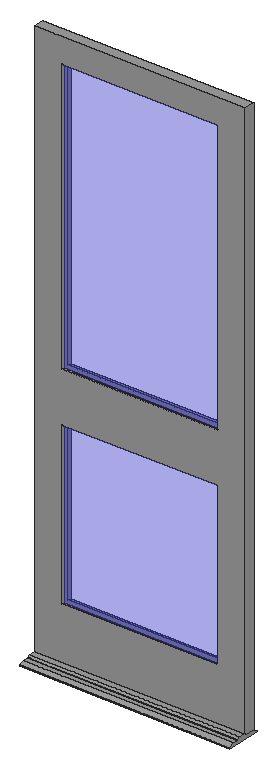
Revit family "MSD-375BM DOOR-1-PD-SF_v04", category Curtain Panels, Revit 2015
Parameters
  Width [instance] = 3' - 2"
  URL = "obe.com"
  Rough Width [instance] = 3' - 0"
  Offset [instance] = 0' - 0"
  Model = "MSD-375 DOOR"
  Min-Max Rough Width [instance] = if(and((Rough Width > 2' 11 255/256"), (Rough Width < 3' 6 1/256")), Rough Width, 3' 0")  # 3' - 0"
  Manufacturer = "Oldcastle BuildingEnvelope®"
  Keynote = "08 11 00"
  Height [instance] = 8' - 0"
  Pushbar Height [instance] = 3' - 5 1/4"  # constant formula
  Glass Material = Glass
  Frame Material = Aluminum
  Door Panel Height [instance] = Height + 0' 0 1/4"  # 8' - 0 1/4"
  Description = "MSD-375 - 1\" Door Infill"
  Assembly Code = "B2030"
  Analytic Construction = "<None>"
  8 Muntin [instance] = not([6.5 Muntin])  # no
  6.5 Muntin [instance] = yes
Reference planes (in)
  plane 1 "Front": y = 0
  plane 2: z = 0
  plane 3 "Center (Left/Right)": x = 0
  plane 4 "Left": x = -19
  plane 5 "Right": x = 19
  plane 6 "Top": z = 96
  plane 7: x = -18
  plane 8: x = 18
Text (in)
  text "Exterior" at (-54.29358, 31.38743, 0), in view "Ref. Level"
  text "Exterior" at (480, 41.53993, 89.60405), in view "Right"
  text "Exterior" at (-240, 57.82419, 105.78864), in view "Left"
Dimensions and locks (in)
  equal spacing: plane 4 "Left", plane 3 "Center (Left/Right)", plane 5 "Right"
  "Width": plane 4 "Left" to plane 5 "Right"
  "Height": plane 6 "Top" to plane 2
  equal spacing: plane 7, plane 3 "Center (Left/Right)", plane 8
  "Min-Max Rough Width": plane 7 to plane 8
  aligned and locked: level to plane 2
  aligned and locked: plane 1 "Front" to nested 1
  aligned and locked: plane 3 "Center (Left/Right)" to nested 1
Nested families (in)
  nested 1: "MSD-375BM DOOR-1-PD-Panel_v03" at (0, -16, 0), 6.5 Muntin <- "6.5 Muntin", Width <- "Min-Max Rough Width", Height <- "Door Panel Height", Frame Material <- "Frame Material", Glass Material <- "Glass Material", Offset <- "Offset", type "MSD-375 DOOR-1-Panel"
    with built-in parameter 1001301 3' - 0", Pushbar Height 3' - 5 1/4", Offset 0' - 0", built-in parameter 1001300 8' - 0 1/4", Glass at Muntin 0' - 6 15/16", Glass Material Glass, Frame Material Aluminum, 8 Muntin no, 6.5 Muntin yes
Definition of nested family "MSD-375BM DOOR-1-PD-Panel_v03"
  Parameters (values of type "MSD-375 DOOR-1-Panel")
    Width [instance] = 3' - 0"
    Offset [instance] = 0' - 10 31/32"
    Height [instance] = 8' - 0"
    Glass at Muntin [instance] = if([6.5 Muntin], 0' 6 15/16", 0' 8 7/16")  # 0' - 6 15/16"
    Pushbar Height [instance] = 3' - 5 1/4"  # constant formula
    Glass Material [instance] = none
    Frame Material [instance] = none
    Analytic Construction = "<None>"
    8 Muntin [instance] = not([6.5 Muntin])  # no
    6.5 Muntin [instance] = yes
  Reference planes (in)
    plane 1 "00": y = 3.9375
    plane 2: z = 0
    plane 3 "Center (Left/Right)": x = 0
    plane 4: z = 96
    plane 5: x = -18
    plane 6: x = 18
    plane 7 "Center (Front/Back)": y = 16
    plane 8 "Exterior": y = 4.21875
    plane 9: z = 48
    plane 10: z = 92.96875
    plane 11: z = 92.406
    plane 12: z = 8.90625
    plane 13: z = 37.78125
    plane 14: z = 44.71875
    plane 15: x = -13.9065
    plane 16: x = 13.9065
    plane 17 "Offset": y = 5.03125
    plane 18: z = 41.25
  Forms (in)
    Sweep 1, solid, material <- "Frame Material"
      path origin (0, 3.9375, 0) x (1, 0, 0) y (0, 0, 1)
        loop
          line (-17.8285, 96) -> (17.8285, 96)
      profile origin (0, 3.9375, 96) x (0, 0, 1) y (0, -1, 0)
        loop
          line (-4.375, -0.957) -> (-0.25, -0.957) -> (-0.25, 0.793) -> (-4.375, 0.793) -> (-4.375, 0.5) -> (-3.594, 0.5) -> (-3.594, -0.5) -> (-4.375, -0.5) -> (-4.375, -0.957)
    Sweep 2, solid, material <- "Frame Material"
      path origin (0, 3.9375, 0) x (1, 0, 0) y (0, 0, 1)
        loop
          line (17.8285, 0) -> (-17.8285, 0)
      profile origin (0, 3.9375, 0) x (0, 0, -1) y (0, -1, 0)
        loop
          line (0, -1.707) -> (0, 3.918) -> (-0.125, 3.918) -> (-0.5, 3.168) -> (-0.5, 2.3005) -> (-0.562, 2.3005) -> (-0.844, 1.8115) -> (-0.844, 0.793) -> (-9.6875, 0.793) -> (-9.6875, 0.5) -> (-8.9065, 0.5) -> (-8.9065, -0.5) -> (-9.6875, -0.5) -> (-9.6875, -0.957) -> (-0.5, -0.957) -> (-0.125, -1.707) -> (0, -1.707)
    Sweep 3, solid, material <- "Frame Material"
      path origin (0, 3.9375, 0) x (1, 0, 0) y (0, 0, 1)
        loop
          line (18, 95.75) -> (18, 0.6875)
      profile origin (18, 3.9375, 48.21875) x (0, -1, 0) y (1, 0, 0)
        loop
          line (-0.957, -4.8125) -> (-0.5, -4.8125) -> (-0.5, -4.0935) -> (0.5, -4.0935) -> (0.5, -4.8125) -> (0.793, -4.8125) -> (0.793, -0.1715) -> (-0.957, -0.0625) -> (-0.957, -4.8125)
    Sweep 4, solid, material <- "Frame Material"
      path origin (0, 3.9375, 0) x (1, 0, 0) y (0, 0, 1)
        loop
          line (-18, 95.75) -> (-18, 0.6875)
      profile origin (-18, 3.9375, 48.21875) x (0, -1, 0) y (1, 0, 0)
        loop
          line (-0.957, 0.0625) -> (0.793, 0.1715) -> (0.793, 4.8125) -> (0.5, 4.8125) -> (0.5, 4.0935) -> (-0.5, 4.0935) -> (-0.5, 4.8125) -> (-0.957, 4.8125) -> (-0.957, 0.0625)
    Sweep 5, solid, material <- "Frame Material"
      path origin (0, 3.9375, 0) x (1, 0, 0) y (0, 0, 1)
        loop
          line (17.8285, 48) -> (-17.8285, 48)
      profile origin (0, 3.9375, 48) x (0, 0, -1) y (0, -1, 0)
        loop
          line (11.00025, -0.957) -> (11.00025, -0.5) -> (10.21875, -0.5) -> (10.21875, 0.5) -> (11.00025, 0.5) -> (11.00025, 0.793) -> (2.50025, 0.793) -> (2.50025, 0.5) -> (3.28125, 0.5) -> (3.28125, -0.5) -> (2.50025, -0.5) -> (2.50025, -0.957) -> (11.00025, -0.957)
    Extrusion 6, solid, material <- "Glass Material", detail levels coarse
      sketch origin (0, 0, 0) x (1, 0, 0) y (0, 1, 0)
        loop
          line (-13.9065, 4.4375) -> (-13.9065, 3.4375) -> (13.9065, 3.4375) -> (13.9065, 4.4375) -> (-13.9065, 4.4375)
      from 44.71875 to 92.406
    Extrusion 7, solid, material <- "Glass Material", detail levels medium+fine
      sketch origin (0, 0, 0) x (1, 0, 0) y (0, 1, 0)
        loop
          line (13.9065, 4.4375) -> (-13.9065, 4.4375) -> (-13.9065, 4.1875) -> (13.9065, 4.1875) -> (13.9065, 4.4375)
        loop
          line (-13.9065, 3.6875) -> (-13.9065, 3.4375) -> (13.9065, 3.4375) -> (13.9065, 3.6875) -> (-13.9065, 3.6875)
      from 44.71875 to 92.406
    Extrusion 8, solid, material <- "Glass Material", detail levels coarse
      sketch origin (0, 0, 0) x (1, 0, 0) y (0, 1, 0)
        loop
          line (-13.9065, 4.4375) -> (-13.9065, 3.4375) -> (13.9065, 3.4375) -> (13.9065, 4.4375) -> (-13.9065, 4.4375)
      from 8.90625 to 37.78125
    Extrusion 9, solid, material <- "Glass Material", detail levels medium+fine
      sketch origin (0, 0, 0) x (1, 0, 0) y (0, 1, 0)
        loop
          line (-13.9065, 4.4375) -> (-13.9065, 4.1875) -> (13.9065, 4.1875) -> (13.9065, 4.4375) -> (-13.9065, 4.4375)
        loop
          line (13.9065, 3.68875) -> (-13.9065, 3.68875) -> (-13.9065, 3.4375) -> (13.9065, 3.4375) -> (13.9065, 3.68875)
      from 8.90625 to 37.78125
  Cuts and joins
    joined: Sweep 1, Sweep 2, Sweep 3, Sweep 4, Sweep 5
  Lines and regions (in)
    model lines
      curve 1: line (13.1255, 4.21875, 91.67837) -> (-13.1255, 4.21875, 48)
      curve 2: line (-13.1255, 4.21875, 48) -> (13.1255, 4.21875, 9.7167)
  Dimensions and locks (in)
    equal spacing: level, plane 9, plane 4
    locked: Sweep 3 sketch curve to plane 4 at 0.25
    locked: Sweep 4 sketch curve to plane 4 at 0.25
    locked: plane 4 to plane 10 at 3.03125
    locked: plane 11 to plane 4 at 3.594
    plane 12 to plane 2 = 0' - 8 29/32"
    "Height": plane 4 to plane 2
    locked: plane 5 to plane 15 at 4.0935
    locked: plane 16 to plane 6 at 4.0935
    equal spacing: plane 5, plane 3 "Center (Left/Right)", plane 6
    "Width": plane 5 to plane 6
    locked: plane 14 to Sweep 5 sketch curve at 0.781  (x2)
    locked: Sweep 5 sketch curve to plane 13 at 0.7815
    locked: plane 13 to Sweep 5 sketch curve at 0.7815
    plane 1 "00" to plane 8 "Exterior" to plane 17 "Offset" = 0' - 0 9/32" locked, 0' - 0 13/16" locked
    plane 17 "Offset" to Extrusion 9 sketch curve to Extrusion 9 sketch curve to Extrusion 9 sketch curve to Extrusion 9 sketch curve = 0' - 0 19/32" locked, 0' - 0 1/4" locked, 0' - 0.49875" locked, 0' - 0.25125" locked
    Extrusion 7 sketch curve to Extrusion 7 sketch curve to Extrusion 7 sketch curve to Extrusion 7 sketch curve = 0' - 0 1/4" locked, 0' - 0 1/2" locked, 0' - 0 1/4" locked
    locked: Sweep 1 sketch curve to plane 5 at 0.1715
    locked: plane 6 to Sweep 1 sketch curve at 0.1715
    locked: Sweep 5 sketch curve to plane 5 at 0.1715
    locked: plane 6 to Sweep 5 sketch curve at 0.1715
    locked: Sweep 2 sketch curve to plane 5 at 0.1715
    locked: plane 6 to Sweep 2 sketch curve at 0.1715
    equal spacing: plane 13, plane 18, plane 14
    "Glass at Muntin": plane 13 to plane 14
    "Pushbar Height": level to plane 18
    "Offset": plane 17 "Offset" to plane 7 "Center (Front/Back)"
    Extrusion 6 sketch curve to Extrusion 6 sketch curve to plane 17 "Offset" = 0' - 1" locked, 0' - 0 19/32" locked
    Extrusion 8 sketch curve to Extrusion 8 sketch curve to plane 17 "Offset" = 0' - 1" locked, 0' - 0 19/32" locked
    locked: Sweep 4 sketch curve to level at 0.6875
    locked: Sweep 3 sketch curve to plane 2 at 0.6875
    aligned and locked: plane 2 to level
    aligned and locked: Sweep 1 sketch curve to plane 4
    aligned and locked: Sweep 2 sketch curve to level
    aligned and locked: Sweep 5 sketch curve to plane 9
    aligned and locked: Extrusion 7 to plane 11
    aligned and locked: Extrusion 6 to plane 11
    aligned and locked: plane 14 to Extrusion 7
    aligned and locked: plane 14 to Extrusion 6
    aligned and locked: Extrusion 8 to plane 13
    aligned and locked: Extrusion 9 to plane 13
    aligned and locked: plane 12 to Extrusion 9
    aligned and locked: plane 12 to Extrusion 8
    aligned and locked: Sweep 3 sketch curve to plane 6
    aligned and locked: Sweep 4 sketch curve to plane 5
    aligned and locked: plane 16 to Extrusion 6 sketch curve
    aligned and locked: Extrusion 6 sketch curve to plane 15
    aligned and locked: Extrusion 8 sketch curve to plane 15
    aligned and locked: plane 16 to Extrusion 8 sketch curve
    aligned and locked: plane 16 to Extrusion 9
    aligned and locked: plane 16 to Extrusion 8
    aligned and locked: plane 9 to curve 1
  Automatic sketch dimensions
    Sweep 1 sketch curve to plane 1 "00" = 0' - 0.957"
    profile plane to Sweep 1 sketch curve = 0' - 4 3/8"
    Sweep 1 sketch curve to Sweep 1 sketch curve = 0' - 0"
    Sweep 1 sketch curve to Sweep 1 sketch curve = 0' - 0.781"
    profile plane to Sweep 1 sketch curve = 0' - 0 1/4"
    Sweep 1 sketch curve to Sweep 1 sketch curve = 0' - 0.457"
    plane 1 "00" to Sweep 1 sketch curve = 0' - 0 1/2"
    Sweep 1 sketch curve to Sweep 1 sketch curve = 0' - 0.293"
    Sweep 5 sketch curve to Sweep 5 sketch curve = 0' - 0.781"
    Sweep 5 sketch curve to Sweep 5 sketch curve = 0' - 0.7815"
    Sweep 5 sketch curve to plane 1 "00" = 0' - 0.957"
    Sweep 5 sketch curve to Sweep 5 sketch curve = 0' - 0.457"  (x2)
    plane 1 "00" to Sweep 5 sketch curve = 0' - 0 1/2"  (x2)
    Sweep 5 sketch curve to Sweep 5 sketch curve = 0' - 0.293"
    profile plane to Sweep 2 sketch curve = 0' - 0 1/2"  (x2)
    Sweep 2 sketch curve to plane 1 "00" = 0' - 0.957"
    Sweep 2 sketch curve to Sweep 2 sketch curve = 0' - 0 1/8"
    Sweep 2 sketch curve to Sweep 2 sketch curve = 0' - 9 3/16"
    Sweep 2 sketch curve to Sweep 2 sketch curve = 0' - 0 3/4"
    plane 1 "00" to Sweep 2 sketch curve = 0' - 3.918"
    profile plane to Sweep 2 sketch curve = 0' - 0 1/8"
    Sweep 2 sketch curve to Sweep 2 sketch curve = 0' - 1.6175"
    Sweep 2 sketch curve to Sweep 2 sketch curve = 0' - 0.282"
    Sweep 2 sketch curve to Sweep 2 sketch curve = 0' - 0.062"
    Sweep 2 sketch curve to Sweep 2 sketch curve = 0' - 0.489"
    Sweep 2 sketch curve to Sweep 2 sketch curve = 0' - 0.8675"
    plane 1 "00" to Sweep 2 sketch curve = 0' - 0.793"
    Sweep 2 sketch curve to Sweep 2 sketch curve = 0' - 0"
    Sweep 2 sketch curve to Sweep 2 sketch curve = 0' - 0.293"
    Sweep 2 sketch curve to Sweep 2 sketch curve = 0' - 0.457"
    Sweep 2 sketch curve to Sweep 2 sketch curve = 0' - 0.781"
    Sweep 2 sketch curve to profile plane = 0' - 0"
    plane 15 to curve 1 = 0' - 0.781"
    curve 2 to plane 16 = 0' - 0.781"
    curve 1 to plane 16 = 0' - 0.781"
    curve 2 to plane 12 = 0' - 0.81045"
    plane 11 to curve 1 = 0' - 0.72763"
    profile plane to Sweep 3 sketch curve = 0' - 0 1/16"
    Sweep 3 sketch curve to plane 1 "00" = 0' - 0.957"
    Sweep 3 sketch curve to Sweep 3 sketch curve = 0' - 0.457"
    plane 1 "00" to Sweep 3 sketch curve = 0' - 0 1/2"
    Sweep 3 sketch curve to Sweep 3 sketch curve = 0' - 0.293"
    profile plane to Sweep 3 sketch curve = 0' - 0.1715"
    Sweep 3 sketch curve to Sweep 3 sketch curve = 0' - 3.922"
    Sweep 3 sketch curve to Sweep 3 sketch curve = 0' - 0.719"  (x2)
    Sweep 4 sketch curve to plane 1 "00" = 0' - 0.957"
    Sweep 4 sketch curve to Sweep 4 sketch curve = 0' - 0.457"
    plane 1 "00" to Sweep 4 sketch curve = 0' - 0 1/2"
    Sweep 4 sketch curve to Sweep 4 sketch curve = 0' - 0.293"
    Sweep 4 sketch curve to profile plane = 0' - 0 1/16"
    Sweep 4 sketch curve to profile plane = 0' - 0.1715"
    Sweep 4 sketch curve to Sweep 4 sketch curve = 0' - 3.922"
    Sweep 4 sketch curve to Sweep 4 sketch curve = 0' - 0.719"  (x2)
    Extrusion 7 sketch curve to plane 15 = 0' - 0"  (x2)
    Extrusion 7 sketch curve to plane 16 = 0' - 0"  (x2)
    plane 1 "00" to Extrusion 7 sketch curve = 0' - 0 1/2"
    Extrusion 9 sketch curve to plane 15 = 0' - 0"  (x2)
    Extrusion 9 sketch curve to plane 16 = 0' - 0"  (x2)
